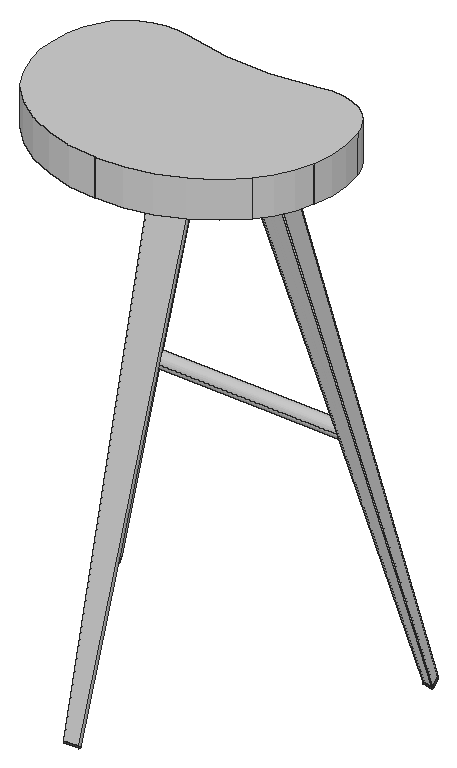
Revit family "Haworth_Mexique_Stool", category Furniture, Revit 2018
Family settings
  OmniClass Number = 23.40.70.14.64.21
  OmniClass Title = Systems Furniture
  Work Plane-Based = No
  Always vertical = Yes
  Cut with Voids When Loaded = No
  Shared = No
  Room Calculation Point = No
Parameters (values of type "High Stool")
  Warranty = "http://www.haworth.com/resources/product-info/warranties"
  URL - Product = "https://www.haworth.com/na/en/products/stools/mexique-seating.html"
  URL = "https://www.haworth.com/na/en/about/brands/haworth-collection.html"
  Sustainability Info = "https://www.haworth.com/na/en/expertise/sustainability.html"
  Size = "Verify Final Dim. w/ Haworth"  # constant formula
  Seat Finish [instance] = Haworth _ Paint _ Undecided _ Seating
  Revision Number = "1"  # constant formula
  Model = "HCCSMXS"  # constant formula
  Manufacturer = "Haworth"  # constant formula
  Low = no
  Leg Finish [instance] = Haworth _ Paint _ Undecided _ Seating
  High = not(Low)  # yes
  Footrest Finish = Haworth _ Paint _ Undecided _ Seating
  Description = "Haworth - Cassina - Mexique - Stool - High"
  Author = "Haworth (Abd Rahman)"  # constant formula
  Assembly Code = "E2020200"
  Actual Width = if(Low, 15.75", 18.50")  # 18.50"
  Actual Height = if(Low, 17.70", 28.30")  # 28.30"
  Actual Depth = if(Low, 12.60", 14.60")  # 14.60"
Types (2): name | Seat Finish | Low | Leg Finish | High | Description | Actual Width | Actual Height | Actual Depth
  Low Stool | Haworth _ Paint _ Undecided _ Table | yes | Haworth _ Paint _ Undecided _ Table | no | "Haworth - Cassina - Mexique - Stool - Low" | 15.75" | 17.70" | 12.60"
  High Stool | Haworth _ Paint _ Undecided _ Seating | no | Haworth _ Paint _ Undecided _ Seating | yes | "Haworth - Cassina - Mexique - Stool - High" | 18.50" | 28.30" | 14.60"
Reference planes (in)
  plane 1: z = 0
  plane 2 "Top": z = 28.3
  plane 3 "Left": x = -21.26989
  plane 4 "Right": x = -2.76989
  plane 5 "Center (Left/Right)": x = -12.01989
  plane 6 "Back": y = 5.59886
  plane 7 "Front": y = -9.00114
  plane 8 "Center (Front/Back)": y = -1.70114
  plane 9: z = 26.3
  plane 10: z = 26.27992
Dimensions and locks (in)
  "Actual Height": plane 2 "Top" to plane 1
  "Actual Width": plane 3 "Left" to plane 4 "Right"
  equal spacing: plane 3 "Left", plane 5 "Center (Left/Right)", plane 4 "Right"
  "Actual Depth": plane 7 "Front" to plane 6 "Back"
  equal spacing: plane 7 "Front", plane 8 "Center (Front/Back)", plane 6 "Back"
  plane 2 "Top" to plane 9 to plane 10 = 2.00" locked, 0.02008" locked
  aligned and locked: plane 5 "Center (Left/Right)" to nested 1
  aligned and locked: plane 2 "Top" to nested 1
  aligned and locked: plane 9 to nested 1
  aligned and locked: plane 8 "Center (Front/Back)" to nested 1
  aligned and locked: plane 8 "Center (Front/Back)" to nested 2
  aligned and locked: plane 5 "Center (Left/Right)" to nested 2
  aligned and locked: plane 8 "Center (Front/Back)" to nested 3
  aligned and locked: plane 5 "Center (Left/Right)" to nested 3
Nested families (in)
  nested 1: "Haworth_Mexique_Stool_Seat-PART" at (1.375, 0.60202, 0.7), Seat Finish <- "Seat Finish", type "Seat - PART"
    with Seat Finish Haworth _ Paint _ Undecided _ Seating
  nested 2: "Haworth_Mexique_Stool_Low_Leg-PART" at (1.375, -1, 0), Leg Finish <- "Leg Finish", visible <- "Low", type "Low - leg - PART"
    with Leg Finish Haworth _ Paint _ Undecided _ Seating
  nested 3: "Haworth_Mexique_Stool_High_Leg-PART" at (0, 0, 0), Leg Finish <- "Leg Finish", visible <- "High", type "High - leg - PART"
    with Leg Finish Haworth _ Paint _ Undecided _ Seating
Definition of nested family "Haworth_Mexique_Stool_Seat-PART"
  Parameters (values of type "Seat - PART")
    Warranty = "http://www.haworth.com/resources/product-info/warranties"
    URL - Product = "https://www.haworth.com/na/en/products/collaborative-conference/mexique-tables.html"
    URL = "https://www.haworth.com/na/en/about/brands/haworth-collection.html"
    Sustainability Info = "https://www.haworth.com/na/en/expertise/sustainability.html"
    Size = "Verify Final Dim. w/ Haworth"  # constant formula
    Seat Finish [instance] = none
    Revision Number = "1"  # constant formula
    Model = "Haworth - Cassina - Mexique"  # constant formula
    Manufacturer = "Haworth"  # constant formula
    Description = "Haworth - Cassina - Mexique - Seat - PART"  # constant formula
    Author = "Haworth (Abd Rahman)"  # constant formula
    Assembly Code = "E2020200"
    Actual Width = 15.75"  # constant formula
    Actual Height = 27.60"
    Actual Depth = 10.98"  # constant formula
  Reference planes (in)
    plane 1: z = 0
    plane 2 "Top": z = 27.6
    plane 3 "Left": x = -21.26989
    plane 4 "Right": x = -5.51989
    plane 5 "Center (Left/Right)": x = -13.39489
    plane 6 "Center (Front/Back)": y = -2.30317
    plane 7: z = 25.6
    plane 8: y = 3.18683
    plane 9: y = -7.79317
  Forms (in)
    Extrusion 1, solid, material <- "Seat Finish"
      sketch origin (0, 0, 0) x (1, 0, 0) y (0, 1, 0)
        loop
          arc (-5.71318, -2.27057) -> (-5.57363, -0.65423) -> (-5.85742, 0.94312) r 6.21107
          arc (-5.85742, 0.94312) -> (-7.36896, 2.79793) -> (-9.74052, 3.11538) r 3.25
          arc (-9.74052, 3.11538) -> (-13.41985, 2.67151) -> (-17.0957, 3.14327) r 15
          arc (-17.0957, 3.14327) -> (-19.50043, 2.82665) -> (-21.01625, 0.93319) r 3.25
          arc (-21.01625, 0.93319) -> (-21.26861, -0.40041) -> (-21.23564, -1.75728) r 6.43482
          arc (-21.23564, -1.75728) -> (-21.15835, -2.21191) -> (-21.04637, -2.65925) r 6
          arc (-21.04637, -2.65925) -> (-20.60773, -3.77541) -> (-19.97483, -4.79407) r 6.61716
          arc (-19.97483, -4.79407) -> (-19.9581, -4.8156) -> (-19.9408, -4.83668) r 1
          arc (-19.9408, -4.83668) -> (-17.02768, -7.03232) -> (-13.45139, -7.75153) r 8.22174
          arc (-13.45139, -7.75153) -> (-13.42614, -7.75121) -> (-13.4009, -7.75153) r 1
          arc (-13.4009, -7.75153) -> (-9.87425, -7.05442) -> (-6.98215, -4.91924) r 8.22174
          arc (-6.98215, -4.91924) -> (-6.17657, -3.69495) -> (-5.71967, -2.30244) r 5.54807
          arc (-5.71967, -2.30244) -> (-5.71656, -2.28648) -> (-5.71318, -2.27057) r 1
      from 25.6 to 27.6
  Lines and regions (in)
    Masking region 1
      outline origin (0, 0, 0) x (1, 0, 0) y (0, 1, 0)
        loop
          arc (-9.74052, 3.11538) -> (-13.41985, 2.67151) -> (-17.0957, 3.14327) r 15
          arc (-17.0957, 3.14327) -> (-19.50043, 2.82665) -> (-21.01625, 0.93319) r 3.25
          arc (-21.01625, 0.93319) -> (-21.26861, -0.40041) -> (-21.23564, -1.75728) r 6.43482
          arc (-21.23564, -1.75728) -> (-21.15835, -2.21191) -> (-21.04637, -2.65925) r 6
          arc (-21.04637, -2.65925) -> (-20.60154, -3.78769) -> (-19.95821, -4.81599) r 6.61716
          arc (-19.95821, -4.81599) -> (-17.02849, -7.03195) -> (-13.42614, -7.75086) r 8.22174
          arc (-13.42614, -7.75086) -> (-9.88581, -7.05951) -> (-6.98215, -4.91924) r 8.22174
          arc (-6.98215, -4.91924) -> (-6.17306, -3.68765) -> (-5.71672, -2.28652) r 5.54807
          arc (-5.71672, -2.28652) -> (-5.57327, -0.66238) -> (-5.85742, 0.94312) r 6.21107
          arc (-5.85742, 0.94312) -> (-7.36896, 2.79793) -> (-9.74052, 3.11538) r 3.25
  Dimensions and locks (in)
    "Actual Height": plane 2 "Top" to plane 1
    "Actual Width": plane 3 "Left" to plane 4 "Right"
    equal spacing: plane 3 "Left", plane 5 "Center (Left/Right)", plane 4 "Right"
    locked: plane 2 "Top" to plane 7 at 2
    equal spacing: plane 9, plane 6 "Center (Front/Back)", plane 8
    "Actual Depth": plane 9 to plane 8
    aligned and locked: plane 2 "Top" to Extrusion 1
    aligned and locked: Extrusion 1 to plane 7
  Automatic sketch dimensions
    plane 3 "Left" to Extrusion 1 sketch curve = 2.09315"
    plane 3 "Left" to Extrusion 1 sketch curve = 3.36543"
    plane 5 "Center (Left/Right)" to Extrusion 1 sketch curve = 1.89134"
    Extrusion 1 sketch curve to Extrusion 1 sketch curve = 0.43115"
    Extrusion 1 sketch curve to Extrusion 1 sketch curve = 0.16133"
    plane 5 "Center (Left/Right)" to Extrusion 1 sketch curve = 0.26404"
    plane 5 "Center (Left/Right)" to Extrusion 1 sketch curve = 0.03125"
    Extrusion 1 sketch curve to plane 5 "Center (Left/Right)" = 0.03192"
    Extrusion 1 sketch curve to plane 5 "Center (Left/Right)" = 0.20154"
    Extrusion 1 sketch curve to plane 5 "Center (Left/Right)" = 1.61644"
    Extrusion 1 sketch curve to Extrusion 1 sketch curve = 0.60495"
    Extrusion 1 sketch curve to Extrusion 1 sketch curve = 2.21784"
    plane 6 "Center (Front/Back)" to Extrusion 1 sketch curve = 0.18281"
    Extrusion 1 sketch curve to plane 4 "Right" = 0.78324"
    plane 6 "Center (Front/Back)" to Extrusion 1 sketch curve = 1.88836"
    plane 9 to Extrusion 1 sketch curve = 0.95805"
    Extrusion 1 sketch curve to plane 6 "Center (Front/Back)" = 1.01898"
    Extrusion 1 sketch curve to plane 6 "Center (Front/Back)" = 1.32344"
    Extrusion 1 sketch curve to Extrusion 1 sketch curve = 0.35148"
    Extrusion 1 sketch curve to Extrusion 1 sketch curve = 0.05635"
    Extrusion 1 sketch curve to Extrusion 1 sketch curve = 0.11641"
    Extrusion 1 sketch curve to plane 6 "Center (Front/Back)" = 2.26474"
    Extrusion 1 sketch curve to plane 6 "Center (Front/Back)" = 2.29867"
    Extrusion 1 sketch curve to Extrusion 1 sketch curve = 1.27455"
    Extrusion 1 sketch curve to Extrusion 1 sketch curve = 0.00"  (x12)
    Extrusion 1 sketch curve to plane 8 = 14.48457"
    Extrusion 1 sketch curve to Extrusion 1 sketch curve = 0.76406"
    plane 3 "Left" to Extrusion 1 sketch curve = 0.25364"
    plane 3 "Left" to Masking region 1 sketch curve = 3.36543"
    Masking region 1 sketch curve to plane 5 "Center (Left/Right)" = 0.03192"
    Masking region 1 sketch curve to plane 6 "Center (Front/Back)" = 2.29867"
    Masking region 1 sketch curve to plane 8 = 14.48457"
    plane 3 "Left" to Masking region 1 sketch curve = 0.25364"
    plane 8 to Masking region 1 sketch curve = 0.04356"
    Masking region 1 sketch curve to Masking region 1 sketch curve = 0.00"  (x7)
    plane 8 to Masking region 1 sketch curve = 0.07145"
    Masking region 1 sketch curve to plane 6 "Center (Front/Back)" = 1.37979"
    plane 3 "Left" to Masking region 1 sketch curve = 0.03426"
    Masking region 1 sketch curve to Masking region 1 sketch curve = 0.43115"
    plane 3 "Left" to Masking region 1 sketch curve = 0.22352"
    Masking region 1 sketch curve to Masking region 1 sketch curve = 0.16133"
    plane 3 "Left" to Masking region 1 sketch curve = 1.31168"
    plane 5 "Center (Left/Right)" to Masking region 1 sketch curve = 0.26404"
    Masking region 1 sketch curve to Masking region 1 sketch curve = 1.27455"
    Masking region 1 sketch curve to plane 9 = 0.04231"
    Masking region 1 sketch curve to plane 5 "Center (Left/Right)" = 0.20154"
    plane 4 "Right" to Masking region 1 sketch curve = 1.46225"
    Masking region 1 sketch curve to plane 6 "Center (Front/Back)" = 1.01898"
    Masking region 1 sketch curve to plane 6 "Center (Front/Back)" = 0.01665"
    Masking region 1 sketch curve to Masking region 1 sketch curve = 0.60495"
    Masking region 1 sketch curve to Masking region 1 sketch curve = 0.35148"
    plane 4 "Right" to Masking region 1 sketch curve = 0.33752"
Definition of nested family "Haworth_Mexique_Stool_Low_Leg-PART"
  Parameters (values of type "Low - leg - PART")
    Warranty = "http://www.haworth.com/resources/product-info/warranties"
    URL - Product = "https://www.haworth.com/na/en/products/stools/mexique-seating.html"
    URL = "https://www.haworth.com/na/en/about/brands/haworth-collection.html"
    Sustainability Info = "https://www.haworth.com/na/en/expertise/sustainability.html"
    Size = "Verify Final Dim. w/ Haworth"  # constant formula
    Revision Number = "1"  # constant formula
    Model = "HCCSMXS1"  # constant formula
    Manufacturer = "Haworth"  # constant formula
    Leg Finish [instance] = none
    Glide Finish = none
    Description = "Haworth - Cassina - Mexique - Stool - Low - Leg - PART"  # constant formula
    Author = "Haworth (Abd Rahman)"  # constant formula
    Assembly Code = "E2020200"
    Actual Width = 15.75"  # constant formula
    Actual Height = 17.70"  # constant formula
    Actual Depth = 12.60"  # constant formula
  Reference planes (in)
    plane 1: z = 0
    plane 2 "Top": z = 17.7
    plane 3 "Left": x = -21.26989
    plane 4 "Right": x = -5.51989
    plane 5 "Center (Left/Right)": x = -13.39489
    plane 6 "Back": y = 5.59886
    plane 7 "Front": y = -7.00114
    plane 8 "Center (Front/Back)": y = -0.70114
    plane 9: z = 16.05742
    plane 10: z = 16.0432
    plane 11: z = 0.115
  Forms (in)
    Blend 1, solid, material <- "Leg Finish"
      base sketch origin (0, 0, 0) x (1, 0, 0) y (0, 1, 0)
        loop
          arc (-5.85779, 5.54527) -> (-5.90988, 5.57858) -> (-5.96274, 5.5465) r 0.05845
          line (-5.96274, 5.5465) -> (-6.2534, 4.97128)
          arc (-6.2534, 4.97128) -> (-6.25399, 4.91803) -> (-6.21219, 4.88503) r 0.06037
          line (-6.21219, 4.88503) -> (-5.58182, 4.74974)
          arc (-5.58182, 4.74974) -> (-5.52437, 4.77041) -> (-5.51755, 4.83107) r 0.05777
          line (-5.51755, 4.83107) -> (-5.85779, 5.54527)
      top sketch origin (0, 0, 0) x (1, 0, 0) y (0, 1, 0)
        loop
          arc (-11.69477, 3.6302) -> (-11.74672, 3.66381) -> (-11.80041, 3.63305) r 0.05946
          line (-11.80041, 3.63305) -> (-12.72836, 1.94776)
          arc (-12.72836, 1.94776) -> (-12.7313, 1.83688) -> (-12.64258, 1.7703) r 0.12085
          line (-12.64258, 1.7703) -> (-10.74712, 1.45075)
          arc (-10.74712, 1.45075) -> (-10.68997, 1.47357) -> (-10.68399, 1.53482) r 0.05918
          line (-10.68399, 1.53482) -> (-11.69477, 3.6302)
      from 0.115 to 16.0432
    Blend 2, solid, material <- "Leg Finish"
      base sketch origin (-26.78979, -0.03125, 0) x (-1, 0, 0) y (0, -1, 0)
        loop
          arc (-5.52497, -4.72443) -> (-5.53033, -4.68322) -> (-5.56969, -4.66987) r 0.03929
          line (-5.56969, -4.66987) -> (-6.1069, -4.7958)
          arc (-6.1069, -4.7958) -> (-6.18828, -4.86256) -> (-6.18513, -4.96778) r 0.11932
          line (-6.18513, -4.96778) -> (-5.92485, -5.45963)
          arc (-5.92485, -5.45963) -> (-5.89148, -5.47906) -> (-5.85932, -5.4577) r 0.03653
          line (-5.85932, -5.4577) -> (-5.52497, -4.72443)
      top sketch origin (-26.78979, -0.03125, 0) x (-1, 0, 0) y (0, -1, 0)
        loop
          line (-11.66003, -3.62442) -> (-10.70808, -1.51097)
          arc (-10.70808, -1.51097) -> (-10.716, -1.44722) -> (-10.77627, -1.42499) r 0.06177
          line (-10.77627, -1.42499) -> (-12.65894, -1.79372)
          arc (-12.65894, -1.79372) -> (-12.74685, -1.86345) -> (-12.7408, -1.97549) r 0.12217
          line (-12.7408, -1.97549) -> (-11.76874, -3.63029)
          arc (-11.76874, -3.63029) -> (-11.7126, -3.66044) -> (-11.66003, -3.62442) r 0.06128
      from 0.115 to 16.0432
    Extrusion 3, solid, material <- "Leg Finish"
      sketch origin (0, 0, 0) x (1, 0, 0) y (0, 1, 0)
        loop
          arc (-15.75379, 4.14829) -> (-17.90116, 2.74608) -> (-17.51571, 0.21057) r 2.37039
          line (-17.51571, 0.21057) -> (-15.11666, -2.51118)
          arc (-15.11666, -2.51118) -> (-13.32503, -3.31284) -> (-11.54459, -2.48662) r 2.36658
          line (-11.54459, -2.48662) -> (-9.17638, 0.27584)
          arc (-9.17638, 0.27584) -> (-8.82654, 2.81129) -> (-10.98862, 4.18106) r 2.36561
          line (-10.98862, 4.18106) -> (-15.75379, 4.14829)
      from 16.0432 to 16.05742
    Blend 4, solid, material <- "Leg Finish"
      base sketch origin (0, 0, 0) x (1, 0, 0) y (0, 1, 0)
        loop
          arc (-13.23593, -6.44891) -> (-13.33004, -6.40375) -> (-13.42329, -6.45067) r 0.11833
          line (-13.42329, -6.45067) -> (-13.76304, -6.89968)
          arc (-13.76304, -6.89968) -> (-13.7689, -6.96386) -> (-13.7139, -6.99746) r 0.06098
          line (-13.7139, -6.99746) -> (-12.93129, -6.991)
          arc (-12.93129, -6.991) -> (-12.87824, -6.95733) -> (-12.88509, -6.89487) r 0.0594
          line (-12.88509, -6.89487) -> (-13.23593, -6.44891)
      top sketch origin (0, 0, 0) x (1, 0, 0) y (0, 1, 0)
        loop
          arc (-13.28682, 0.75712) -> (-13.38544, 0.80633) -> (-13.48265, 0.7544) r 0.12008
          line (-13.48265, 0.7544) -> (-14.57237, -0.82706)
          arc (-14.57237, -0.82706) -> (-14.57593, -0.88998) -> (-14.52167, -0.92204) r 0.0606
          line (-14.52167, -0.92204) -> (-12.20002, -0.89157)
          arc (-12.20002, -0.89157) -> (-12.14677, -0.85816) -> (-12.15204, -0.79552) r 0.06041
          line (-12.15204, -0.79552) -> (-13.28682, 0.75712)
      from 0.115 to 16.0432
    Extrusion 5, solid, material <- "Glide Finish"
      sketch origin (0, 0, 0) x (1, 0, 0) y (0, 1, 0)
        loop
          arc (-12.93129, -6.991) -> (-12.87824, -6.95733) -> (-12.88509, -6.89487) r 0.0594
          line (-12.88509, -6.89487) -> (-13.23593, -6.44891)
          arc (-13.23593, -6.44891) -> (-13.33004, -6.40375) -> (-13.42329, -6.45067) r 0.11833
          line (-13.42329, -6.45067) -> (-13.76304, -6.89968)
          arc (-13.76304, -6.89968) -> (-13.7689, -6.96386) -> (-13.7139, -6.99746) r 0.06098
          line (-13.7139, -6.99746) -> (-12.93129, -6.991)
        loop
          arc (-21.26482, 4.69318) -> (-21.25945, 4.65197) -> (-21.2201, 4.63862) r 0.03929
          line (-21.2201, 4.63862) -> (-20.68289, 4.76455)
          arc (-20.68289, 4.76455) -> (-20.60151, 4.83131) -> (-20.60465, 4.93653) r 0.11932
          line (-20.60465, 4.93653) -> (-20.86493, 5.42838)
          arc (-20.86493, 5.42838) -> (-20.8983, 5.44781) -> (-20.93047, 5.42645) r 0.03653
          line (-20.93047, 5.42645) -> (-21.26482, 4.69318)
        loop
          arc (-5.85779, 5.54527) -> (-5.90988, 5.57858) -> (-5.96274, 5.5465) r 0.05845
          line (-5.96274, 5.5465) -> (-6.2534, 4.97128)
          arc (-6.2534, 4.97128) -> (-6.25399, 4.91803) -> (-6.21219, 4.88503) r 0.06037
          line (-6.21219, 4.88503) -> (-5.58182, 4.74974)
          arc (-5.58182, 4.74974) -> (-5.52437, 4.77041) -> (-5.51755, 4.83107) r 0.05777
          line (-5.51755, 4.83107) -> (-5.85779, 5.54527)
      from 0 to 0.115
  Lines and regions (in)
    symbolic lines
      curve 1: arc (-8.75141, 4.20596, 0) -> (-8.71986, 4.20915, 0) -> (-8.6914, 4.19518, 0) r 0.05764
      curve 2: line (-10.98862, 4.18106, 0) -> (-15.75379, 4.14829, 0)
      curve 3: arc (-15.75379, 4.14829, 0) -> (-17.90116, 2.74608, 0) -> (-17.51571, 0.21057, 0) r 2.37039
      curve 4: line (-17.51571, 0.21057, 0) -> (-15.11666, -2.51118, 0)
      curve 5: arc (-15.11666, -2.51118, 0) -> (-13.32503, -3.31284, 0) -> (-11.54459, -2.48662, 0) r 2.36658
      curve 6: line (-11.54459, -2.48662, 0) -> (-9.17638, 0.27584, 0)
      curve 7: arc (-9.17638, 0.27584, 0) -> (-8.82654, 2.81129, 0) -> (-10.98862, 4.18106, 0) r 2.36561
      curve 8: arc (-5.85779, 5.54527, 0) -> (-5.87907, 5.56938, 0) -> (-5.90988, 5.57858, 0) r 0.05845
      curve 9: line (-5.51755, 4.83107, 0) -> (-5.85779, 5.54527, 0)
      curve 10: arc (-5.55592, 4.75012, 0) -> (-5.5175, 4.78148, 0) -> (-5.51755, 4.83107, 0) r 0.05777
      curve 11: line (-5.55592, 4.75012, 0) -> (-8.77143, 2.6827, 0)
      curve 12: line (-5.90988, 5.57858, 0) -> (-10.4003, 4.1109, 0)
      curve 13: line (-20.93047, 5.42645, 0) -> (-21.26482, 4.69318, 0)
      curve 14: arc (-20.8983, 5.44781, 0) -> (-20.91744, 5.44173, 0) -> (-20.93047, 5.42645, 0) r 0.03653
      curve 15: arc (-21.26482, 4.69318, 0) -> (-21.26803, 4.67181, 0) -> (-21.25945, 4.65197, 0) r 0.03929
      curve 16: line (-21.25945, 4.65197, 0) -> (-17.96354, 2.59246, 0)
      curve 17: line (-20.8983, 5.44781, 0) -> (-16.41337, 4.04994, 0)
      curve 18: line (-13.7139, -6.99746, 0) -> (-12.93129, -6.991, 0)
      curve 19: arc (-12.93129, -6.991, 0) -> (-12.89995, -6.98175, 0) -> (-12.87824, -6.95733, 0) r 0.0594
      curve 20: arc (-13.7689, -6.96386, 0) -> (-13.7462, -6.98852, 0) -> (-13.7139, -6.99746, 0) r 0.06098
      curve 21: line (-13.7689, -6.96386, 0) -> (-14.28657, -3.11592, 0)
      curve 22: line (-12.87824, -6.95733, 0) -> (-12.40716, -3.12074, 0)
  Dimensions and locks (in)
    "Actual Height": plane 2 "Top" to plane 1
    "Actual Width": plane 3 "Left" to plane 4 "Right"
    equal spacing: plane 3 "Left", plane 5 "Center (Left/Right)", plane 4 "Right"
    "Actual Depth": plane 7 "Front" to plane 6 "Back"
    equal spacing: plane 7 "Front", plane 8 "Center (Front/Back)", plane 6 "Back"
    plane 2 "Top" to plane 9 to plane 10 = 1.64258" locked, 0.01422" locked
    locked: plane 11 to plane 1 at 0.115
    aligned and locked: Blend 1 to plane 10
    aligned and locked: Blend 2 to plane 10
    aligned and locked: Extrusion 3 to plane 9
    aligned and locked: plane 10 to Extrusion 3
    aligned and locked: plane 11 to Blend 2
    aligned and locked: plane 11 to Blend 1
    aligned and locked: plane 11 to Blend 4
    aligned and locked: Blend 4 to plane 10
    aligned and locked: Extrusion 5 to plane 1
    aligned and locked: Extrusion 5 to plane 11
  Automatic sketch dimensions
    plane 4 "Right" to Blend 1 sketch curve = 0.7335"
    Blend 1 sketch curve to Blend 1 sketch curve = 0.04121"
    Blend 1 sketch curve to Blend 1 sketch curve = 0.05388"
    plane 6 "Back" to Blend 1 sketch curve = 0.05236"
    plane 4 "Right" to Blend 1 sketch curve = 0.44284"
    Blend 1 sketch curve to Blend 1 sketch curve = 0.05217"
    plane 6 "Back" to Blend 1 sketch curve = 0.05358"
    Blend 1 sketch curve to Blend 1 sketch curve = 0.05277"
    plane 4 "Right" to Blend 1 sketch curve = 0.06193"
    plane 4 "Right" to Blend 1 sketch curve = 0.0498"
    Blend 1 sketch curve to plane 4 "Right" = 0.00235"
    plane 6 "Back" to Blend 1 sketch curve = 0.62757"
    Blend 1 sketch curve to Blend 1 sketch curve = 0.02723"
    Blend 1 sketch curve to Blend 1 sketch curve = 0.11299"
    Blend 1 sketch curve to Blend 1 sketch curve = 0.02485"
    Blend 1 sketch curve to plane 5 "Center (Left/Right)" = 0.66654"
    Blend 1 sketch curve to Blend 1 sketch curve = 0.08577"
    Blend 1 sketch curve to Blend 1 sketch curve = 0.10586"
    Blend 1 sketch curve to plane 5 "Center (Left/Right)" = 1.59448"
    Blend 1 sketch curve to Blend 1 sketch curve = 0.05209"
    Blend 1 sketch curve to Blend 1 sketch curve = 0.05356"
    Blend 1 sketch curve to Blend 1 sketch curve = 1.89546"
    Blend 1 sketch curve to Blend 1 sketch curve = 0.00984"
    Blend 1 sketch curve to Blend 1 sketch curve = 0.0533"
    Blend 1 sketch curve to plane 8 "Center (Front/Back)" = 2.1519"
    Blend 1 sketch curve to Blend 1 sketch curve = 0.05835"
    Blend 1 sketch curve to Blend 1 sketch curve = 0.31955"
    Blend 1 sketch curve to Blend 1 sketch curve = 0.11917"
    Blend 1 sketch curve to Blend 1 sketch curve = 1.65661"
    Blend 1 sketch curve to Blend 1 sketch curve = 0.02583"
    Blend 2 sketch curve to plane 3 "Left" = 0.66524"
    Blend 2 sketch curve to Blend 2 sketch curve = 0.07823"
    Blend 2 sketch curve to Blend 2 sketch curve = 0.02723"
    Blend 2 sketch curve to plane 6 "Back" = 0.17047"
    Blend 2 sketch curve to plane 3 "Left" = 0.40496"
    Blend 2 sketch curve to Blend 2 sketch curve = 0.03229"
    Blend 2 sketch curve to plane 6 "Back" = 0.1724"
    Blend 2 sketch curve to Blend 2 sketch curve = 0.03324"
    Blend 2 sketch curve to plane 3 "Left" = 0.04979"
    Blend 2 sketch curve to Blend 2 sketch curve = 0.00897"
    Blend 2 sketch curve to plane 3 "Left" = 0.00508"
    Blend 2 sketch curve to Blend 2 sketch curve = 0.49186"
    Blend 2 sketch curve to Blend 2 sketch curve = 0.05581"
    Blend 2 sketch curve to Blend 2 sketch curve = 0.18754"
    Blend 2 sketch curve to Blend 2 sketch curve = 0.0163"
    Blend 2 sketch curve to plane 5 "Center (Left/Right)" = 0.6541"
    Blend 2 sketch curve to Blend 2 sketch curve = 0.08186"
    Blend 2 sketch curve to Blend 2 sketch curve = 0.10534"
    Blend 2 sketch curve to plane 5 "Center (Left/Right)" = 1.62615"
    Blend 2 sketch curve to Blend 2 sketch curve = 0.05587"
    Blend 2 sketch curve to Blend 2 sketch curve = 0.01187"
    plane 8 "Center (Front/Back)" to Blend 2 sketch curve = 2.09488"
    Blend 2 sketch curve to Blend 2 sketch curve = 0.36873"
    Blend 2 sketch curve to Blend 2 sketch curve = 1.68564"
    Blend 2 sketch curve to Blend 2 sketch curve = 0.02517"
    plane 8 "Center (Front/Back)" to Blend 2 sketch curve = 2.18086"
    Blend 2 sketch curve to Blend 2 sketch curve = 0.05632"
    Blend 2 sketch curve to Blend 2 sketch curve = 1.88266"
    Blend 2 sketch curve to Blend 2 sketch curve = 0.1199"
    Blend 2 sketch curve to Blend 2 sketch curve = 0.05284"
    Extrusion 3 sketch curve to plane 8 "Center (Front/Back)" = 0.91172"
    plane 3 "Left" to Extrusion 3 sketch curve = 3.75419"
    plane 6 "Back" to Extrusion 3 sketch curve = 1.45057"
    plane 5 "Center (Left/Right)" to Extrusion 3 sketch curve = 2.3589"
    plane 5 "Center (Left/Right)" to Extrusion 3 sketch curve = 2.34259"
    plane 5 "Center (Left/Right)" to Extrusion 3 sketch curve = 1.72176"
    Extrusion 3 sketch curve to plane 5 "Center (Left/Right)" = 0.05359"
    Extrusion 3 sketch curve to plane 5 "Center (Left/Right)" = 1.85031"
    Extrusion 3 sketch curve to plane 5 "Center (Left/Right)" = 2.40627"
    Extrusion 3 sketch curve to Extrusion 3 sketch curve = 0.01627"
    Extrusion 3 sketch curve to plane 8 "Center (Front/Back)" = 0.97698"
    Extrusion 3 sketch curve to Extrusion 3 sketch curve = 1.79598"
    plane 8 "Center (Front/Back)" to Extrusion 3 sketch curve = 0.24518"
    plane 8 "Center (Front/Back)" to Extrusion 3 sketch curve = 1.78548"
    Extrusion 3 sketch curve to Extrusion 3 sketch curve = 1.53967"
    Blend 4 sketch curve to plane 7 "Front" = 0.10146"
    plane 5 "Center (Left/Right)" to Blend 4 sketch curve = 0.36814"
    Blend 4 sketch curve to Blend 4 sketch curve = 0.04863"
    Blend 4 sketch curve to plane 7 "Front" = 0.00368"
    Blend 4 sketch curve to Blend 4 sketch curve = 0.0005"
    plane 5 "Center (Left/Right)" to Blend 4 sketch curve = 0.0284"
    Blend 4 sketch curve to plane 5 "Center (Left/Right)" = 0.06596"
    Blend 4 sketch curve to Blend 4 sketch curve = 0.093"
    Blend 4 sketch curve to plane 7 "Front" = 0.06955"
    Blend 4 sketch curve to plane 5 "Center (Left/Right)" = 0.46312"
    Blend 4 sketch curve to plane 7 "Front" = 0.01014"
    Blend 4 sketch curve to Blend 4 sketch curve = 0.00049"
    Blend 4 sketch curve to plane 7 "Front" = 0.10627"
    Blend 4 sketch curve to plane 7 "Front" = 0.47907"
    Blend 4 sketch curve to Blend 4 sketch curve = 0.0714"
    plane 8 "Center (Front/Back)" to Blend 4 sketch curve = 0.12592"
    plane 5 "Center (Left/Right)" to Blend 4 sketch curve = 1.17748"
    Blend 4 sketch curve to Blend 4 sketch curve = 0.0499"
    plane 8 "Center (Front/Back)" to Blend 4 sketch curve = 0.22089"
    Blend 4 sketch curve to Blend 4 sketch curve = 0.0008"
    plane 5 "Center (Left/Right)" to Blend 4 sketch curve = 0.08775"
    Blend 4 sketch curve to plane 5 "Center (Left/Right)" = 0.01112"
    Blend 4 sketch curve to plane 5 "Center (Left/Right)" = 0.10807"
    plane 8 "Center (Front/Back)" to Blend 4 sketch curve = 0.13002"
    Blend 4 sketch curve to plane 5 "Center (Left/Right)" = 1.19408"
    plane 8 "Center (Front/Back)" to Blend 4 sketch curve = 0.19042"
    Blend 4 sketch curve to Blend 4 sketch curve = 0.00079"
    plane 8 "Center (Front/Back)" to Blend 4 sketch curve = 0.09437"
    Blend 4 sketch curve to plane 8 "Center (Front/Back)" = 1.38741"
    Blend 4 sketch curve to Blend 4 sketch curve = 0.06813"
    plane 3 "Left" to Extrusion 5 sketch curve = 0.00508"
    Extrusion 5 sketch curve to Extrusion 5 sketch curve = 0.03575"
    Extrusion 5 sketch curve to Extrusion 5 sketch curve = 0.00897"
    plane 3 "Left" to Extrusion 5 sketch curve = 0.33943"
    Extrusion 5 sketch curve to Extrusion 5 sketch curve = 0.03324"
    plane 6 "Back" to Extrusion 5 sketch curve = 0.17047"
    Extrusion 5 sketch curve to Extrusion 5 sketch curve = 0.03229"
    Extrusion 5 sketch curve to Extrusion 5 sketch curve = 0.51895"
    Extrusion 5 sketch curve to Extrusion 5 sketch curve = 0.02723"
    Extrusion 5 sketch curve to Extrusion 5 sketch curve = 0.10546"
    Extrusion 5 sketch curve to plane 7 "Front" = 0.10146"
    plane 5 "Center (Left/Right)" to Extrusion 5 sketch curve = 0.36814"
    Extrusion 5 sketch curve to Extrusion 5 sketch curve = 0.04863"
    Extrusion 5 sketch curve to plane 7 "Front" = 0.00368"
    Extrusion 5 sketch curve to Extrusion 5 sketch curve = 0.0005"
    plane 5 "Center (Left/Right)" to Extrusion 5 sketch curve = 0.0284"
    Extrusion 5 sketch curve to plane 5 "Center (Left/Right)" = 0.06596"
    Extrusion 5 sketch curve to Extrusion 5 sketch curve = 0.093"
    Extrusion 5 sketch curve to plane 7 "Front" = 0.06955"
    Extrusion 5 sketch curve to plane 5 "Center (Left/Right)" = 0.46312"
    Extrusion 5 sketch curve to plane 7 "Front" = 0.01014"
    Extrusion 5 sketch curve to Extrusion 5 sketch curve = 0.00049"
    Extrusion 5 sketch curve to plane 7 "Front" = 0.10627"
    Extrusion 5 sketch curve to plane 7 "Front" = 0.47907"
    Extrusion 5 sketch curve to Extrusion 5 sketch curve = 0.0714"
    Extrusion 5 sketch curve to Extrusion 5 sketch curve = 0.78976"
    Extrusion 5 sketch curve to Extrusion 5 sketch curve = 0.03825"
    Extrusion 5 sketch curve to Extrusion 5 sketch curve = 0.12592"
    Extrusion 5 sketch curve to Extrusion 5 sketch curve = 0.11617"
    Extrusion 5 sketch curve to Extrusion 5 sketch curve = 0.01709"
    plane 4 "Right" to Extrusion 5 sketch curve = 0.69229"
    plane 6 "Back" to Extrusion 5 sketch curve = 0.05358"
    plane 4 "Right" to Extrusion 5 sketch curve = 0.3379"
    plane 4 "Right" to Extrusion 5 sketch curve = 0.06193"
    Extrusion 5 sketch curve to plane 4 "Right" = 0.00235"
    Extrusion 5 sketch curve to Extrusion 5 sketch curve = 0.79553"
    Extrusion 5 sketch curve to Extrusion 5 sketch curve = 0.08133"
    Extrusion 5 sketch curve to Extrusion 5 sketch curve = 0.13529"
    Extrusion 5 sketch curve to Extrusion 5 sketch curve = 0.04121"
    Extrusion 5 sketch curve to Extrusion 5 sketch curve = 0.05388"
    Extrusion 5 sketch curve to Extrusion 5 sketch curve = 0.05902"
    plane 6 "Back" to Extrusion 5 sketch curve = 0.05236"
    Extrusion 5 sketch curve to Extrusion 5 sketch curve = 0.10494"
    Extrusion 5 sketch curve to Extrusion 5 sketch curve = 0.05217"
    plane 4 "Right" to Extrusion 5 sketch curve = 0.0498"
    plane 3 "Left" to curve 13 = 0.00508"
    plane 3 "Left" to curve 16 = 0.01044"
    curve 13 to curve 15 = 0.03575"
    plane 3 "Left" to curve 13 = 0.33943"
    curve 13 to curve 17 = 0.03217"
    curve 13 to curve 14 = 0.03324"
    curve 4 to plane 8 "Center (Front/Back)" = 0.91172"
    plane 3 "Left" to curve 4 = 3.75419"
    plane 5 "Center (Left/Right)" to curve 2 = 2.3589"
    plane 5 "Center (Left/Right)" to curve 3 = 2.34259"
    plane 5 "Center (Left/Right)" to curve 4 = 1.72176"
    plane 5 "Center (Left/Right)" to curve 20 = 0.31951"
    curve 18 to plane 7 "Front" = 0.00368"
    curve 20 to curve 18 = 0.0005"
    curve 5 to plane 5 "Center (Left/Right)" = 0.05359"
    curve 19 to plane 5 "Center (Left/Right)" = 0.46312"
    curve 18 to plane 7 "Front" = 0.01014"
    curve 19 to curve 18 = 0.00049"
    plane 6 "Back" to curve 2 = 1.4178"
    curve 2 to plane 5 "Center (Left/Right)" = 2.40627"
    curve 7 to curve 7 = 0.01627"
    curve 6 to plane 8 "Center (Front/Back)" = 0.97698"
    curve 7 to curve 6 = 1.79598"
    curve 7 to curve 1 = 2.25857"
    plane 6 "Back" to curve 8 = 0.07872"
    plane 4 "Right" to curve 8 = 0.39067"
    plane 6 "Back" to curve 12 = 0.02027"
    curve 8 to curve 12 = 0.00068"
    plane 6 "Back" to curve 9 = 0.05358"
    plane 4 "Right" to curve 10 = 0.0498"
    plane 4 "Right" to curve 11 = 0.03603"
    curve 9 to plane 4 "Right" = 0.00235"
    plane 8 "Center (Front/Back)" to curve 4 = 1.81004"
    curve 4 to curve 6 = 0.02457"
    curve 4 to curve 3 = 1.56738"
    plane 6 "Back" to curve 1 = 1.44643"
    plane 6 "Back" to curve 16 = 0.94689"
    curve 15 to curve 15 = 0.02491"
    curve 11 to curve 8 = 0.77001"
    curve 10 to curve 10 = 0.0561"
    plane 6 "Back" to curve 14 = 0.18756"
    curve 14 to curve 13 = 0.01516"
    plane 6 "Back" to curve 16 = 3.0064"
    plane 6 "Back" to curve 17 = 1.54891"
    plane 5 "Center (Left/Right)" to curve 21 = 0.89168"
    curve 21 to plane 7 "Front" = 0.03728"
    curve 20 to curve 20 = 0.05449"
    curve 22 to plane 7 "Front" = 0.04382"
    curve 19 to curve 22 = 0.05354"
    curve 22 to plane 5 "Center (Left/Right)" = 0.98773"
    plane 6 "Back" to curve 12 = 1.48795"
    plane 6 "Back" to curve 11 = 2.91615"
    curve 1 to curve 1 = 0.02135"
    curve 1 to curve 1 = 0.03865"
    curve 22 to curve 5 = 0.63412"
    curve 1 to curve 1 = 0.04275"
Definition of nested family "Haworth_Mexique_Stool_High_Leg-PART"
  Parameters (values of type "High - leg - PART")
    Warranty = "http://www.haworth.com/resources/product-info/warranties"
    URL - Product = "https://www.haworth.com/na/en/products/stools/mexique-seating.html"
    URL = "https://www.haworth.com/na/en/about/brands/haworth-collection.html"
    Sustainability Info = "https://www.haworth.com/na/en/expertise/sustainability.html"
    Size = "Verify Final Dim. w/ Haworth"  # constant formula
    Revision Number = "1"  # constant formula
    Model = "HCCSMXS2"  # constant formula
    Manufacturer = "Haworth"  # constant formula
    Leg Finish [instance] = none
    Glide Finish = none
    Footrest Finish = none
    Description = "Haworth - Cassina - Mexique - Stool - High - Leg - PART"  # constant formula
    Author = "Haworth (Abd Rahman)"  # constant formula
    Assembly Code = "E2020200"
    Actual Width = 18.50"  # constant formula
    Actual Height = 28.30"  # constant formula
    Actual Depth = 14.60"  # constant formula
  Reference planes (in)
    plane 1: z = 0
    plane 2 "Top": z = 28.3
    plane 3 "Left": x = -21.26989
    plane 4 "Right": x = -2.76989
    plane 5 "Center (Left/Right)": x = -12.01989
    plane 6 "Back": y = 5.59886
    plane 7 "Front": y = -9.00114
    plane 8 "Center (Front/Back)": y = -1.70114
    plane 9: z = 26.65742
    plane 10: z = 26.6432
    plane 11: z = 0.115
  Forms (in)
    Blend 1, solid, material <- "Leg Finish"
      base sketch origin (0, 0, 0) x (1, 0, 0) y (0, 1, 0)
        loop
          arc (-3.20005, 5.42605) -> (-3.23397, 5.44833) -> (-3.26898, 5.42781) r 0.03846
          line (-3.26898, 5.42781) -> (-3.52465, 4.94257)
          arc (-3.52465, 4.94257) -> (-3.52777, 4.83363) -> (-3.44349, 4.76453) r 0.12367
          line (-3.44349, 4.76453) -> (-2.89969, 4.63693)
          arc (-2.89969, 4.63693) -> (-2.86281, 4.64949) -> (-2.85796, 4.68815) r 0.03674
          line (-2.85796, 4.68815) -> (-3.20005, 5.42605)
      top sketch origin (0, 0, 0) x (1, 0, 0) y (0, 1, 0)
        loop
          arc (-10.27625, 2.94691) -> (-10.32777, 2.981) -> (-10.38169, 2.95085) r 0.05936
          line (-10.38169, 2.95085) -> (-11.31754, 1.29204)
          arc (-11.31754, 1.29204) -> (-11.32166, 1.18081) -> (-11.23335, 1.11307) r 0.12128
          line (-11.23335, 1.11307) -> (-9.36032, 0.77671)
          arc (-9.36032, 0.77671) -> (-9.30304, 0.79887) -> (-9.29643, 0.85992) r 0.05905
          line (-9.29643, 0.85992) -> (-10.27625, 2.94691)
      from 0.115 to 26.6432
    Extrusion 2, solid, material <- "Leg Finish"
      sketch origin (0, 0, 0) x (1, 0, 0) y (0, 1, 0)
        loop
          arc (-14.49881, 3.32545) -> (-16.65664, 1.94848) -> (-16.29849, -0.58608) r 2.36587
          line (-16.29849, -0.58608) -> (-13.91495, -3.34812)
          arc (-13.91495, -3.34812) -> (-12.13853, -4.16544) -> (-10.35625, -3.36097) r 2.35768
          line (-10.35625, -3.36097) -> (-7.93809, -0.59941)
          arc (-7.93809, -0.59941) -> (-7.56326, 1.9216) -> (-9.70184, 3.30813) r 2.35568
          line (-9.70184, 3.30813) -> (-14.49881, 3.32545)
      from 26.6432 to 26.65742
    Blend 3, solid, material <- "Leg Finish"
      base sketch origin (0.0625, 0.375, 0) x (1, 0, 0) y (0, 1, 0)
        loop
          arc (-11.90641, -8.82377) -> (-12.00053, -8.77861) -> (-12.09378, -8.82553) r 0.11833
          line (-12.09378, -8.82553) -> (-12.43352, -9.27454)
          arc (-12.43352, -9.27454) -> (-12.43938, -9.33872) -> (-12.38439, -9.37232) r 0.06098
          line (-12.38439, -9.37232) -> (-11.60177, -9.36586)
          arc (-11.60177, -9.36586) -> (-11.54872, -9.33219) -> (-11.55558, -9.26973) r 0.0594
          line (-11.55558, -9.26973) -> (-11.90641, -8.82377)
      top sketch origin (0.0625, 0.375, 0) x (1, 0, 0) y (0, 1, 0)
        loop
          arc (-11.91182, -0.24288) -> (-12.01044, -0.19367) -> (-12.10765, -0.2456) r 0.12008
          line (-12.10765, -0.2456) -> (-13.19737, -1.82706)
          arc (-13.19737, -1.82706) -> (-13.20093, -1.88998) -> (-13.14667, -1.92204) r 0.0606
          line (-13.14667, -1.92204) -> (-10.82502, -1.89157)
          arc (-10.82502, -1.89157) -> (-10.77177, -1.85816) -> (-10.77704, -1.79552) r 0.06041
          line (-10.77704, -1.79552) -> (-11.91182, -0.24288)
      from 0.115 to 26.6432
    Extrusion 4, solid, material <- "Glide Finish"
      sketch origin (0, 0, 0) x (1, 0, 0) y (0, 1, 0)
        loop
          arc (-11.54066, -8.991) -> (-11.48761, -8.95733) -> (-11.49447, -8.89487) r 0.0594
          line (-11.49447, -8.89487) -> (-11.8453, -8.44891)
          arc (-11.8453, -8.44891) -> (-11.93942, -8.40375) -> (-12.03267, -8.45067) r 0.11833
          line (-12.03267, -8.45067) -> (-12.37241, -8.89968)
          arc (-12.37241, -8.89968) -> (-12.37827, -8.96386) -> (-12.32328, -8.99746) r 0.06098
          line (-12.32328, -8.99746) -> (-11.54066, -8.991)
        loop
          arc (-20.64581, 5.41218) -> (-20.68082, 5.4327) -> (-20.71474, 5.41043) r 0.03846
          line (-20.71474, 5.41043) -> (-21.05682, 4.67253)
          arc (-21.05682, 4.67253) -> (-21.05198, 4.63387) -> (-21.0151, 4.6213) r 0.03674
          line (-21.0151, 4.6213) -> (-20.47129, 4.7489)
          arc (-20.47129, 4.7489) -> (-20.38701, 4.818) -> (-20.39013, 4.92695) r 0.12367
          line (-20.39013, 4.92695) -> (-20.64581, 5.41218)
        loop
          arc (-3.52465, 4.94257) -> (-3.52777, 4.83363) -> (-3.44349, 4.76453) r 0.12367
          line (-3.44349, 4.76453) -> (-2.89969, 4.63693)
          arc (-2.89969, 4.63693) -> (-2.86281, 4.64949) -> (-2.85796, 4.68815) r 0.03674
          line (-2.85796, 4.68815) -> (-3.20005, 5.42605)
          arc (-3.20005, 5.42605) -> (-3.23397, 5.44833) -> (-3.26898, 5.42781) r 0.03846
          line (-3.26898, 5.42781) -> (-3.52465, 4.94257)
      from 0 to 0.115
    Blend 5, solid, material <- "Leg Finish"
      base sketch origin (-23.91479, -0.01562, 0) x (-1, 0, 0) y (0, -1, 0)
        loop
          line (-3.20005, -5.42605) -> (-2.85796, -4.68815)
          arc (-2.85796, -4.68815) -> (-2.86281, -4.64949) -> (-2.89969, -4.63693) r 0.03674
          line (-2.89969, -4.63693) -> (-3.44349, -4.76453)
          arc (-3.44349, -4.76453) -> (-3.52777, -4.83363) -> (-3.52465, -4.94257) r 0.12367
          line (-3.52465, -4.94257) -> (-3.26898, -5.42781)
          arc (-3.26898, -5.42781) -> (-3.23397, -5.44833) -> (-3.20005, -5.42605) r 0.03846
      top sketch origin (-23.91479, -0.01562, 0) x (-1, 0, 0) y (0, -1, 0)
        loop
          line (-10.27625, -2.94691) -> (-9.29643, -0.85992)
          arc (-9.29643, -0.85992) -> (-9.30304, -0.79887) -> (-9.36032, -0.77671) r 0.05905
          line (-9.36032, -0.77671) -> (-11.23335, -1.11307)
          arc (-11.23335, -1.11307) -> (-11.32166, -1.18081) -> (-11.31754, -1.29204) r 0.12128
          line (-11.31754, -1.29204) -> (-10.38169, -2.95085)
          arc (-10.38169, -2.95085) -> (-10.32777, -2.981) -> (-10.27625, -2.94691) r 0.05936
      from 0.115 to 26.6432
    Extrusion 6, solid, material <- "Footrest Finish"
      sketch origin (-2.76989, 0, 0) x (0, -1, 0) y (0, 0, 1)
        loop
          circle (-3.84099, 11.64999) r 0.41053
      from 3.6223 to 14.82256
  Cuts and joins
    joined: Blend 1, Blend 3, Blend 5
  Lines and regions (in)
    symbolic lines
      curve 1: line (-12.3389, -8.99746, 0) -> (-11.55629, -8.991, 0)
      curve 2: arc (-11.55629, -8.991, 0) -> (-11.52495, -8.98175, 0) -> (-11.50324, -8.95733, 0) r 0.0594
      curve 3: arc (-12.3939, -8.96386, 0) -> (-12.3712, -8.98852, 0) -> (-12.3389, -8.99746, 0) r 0.06098
      curve 4: line (-12.3939, -8.96386, 0) -> (-12.89568, -4.03767, 0)
      curve 5: line (-11.50324, -8.95733, 0) -> (-10.93919, -3.84262, 0)
      curve 6: line (-9.70184, 3.30813, 0) -> (-14.49881, 3.32545, 0)
      curve 7: arc (-7.93809, -0.59941, 0) -> (-7.56326, 1.9216, 0) -> (-9.70184, 3.30813, 0) r 2.35568
      curve 8: line (-10.35625, -3.36097, 0) -> (-7.93809, -0.59941, 0)
      curve 9: arc (-13.91495, -3.34812, 0) -> (-12.13853, -4.16544, 0) -> (-10.35625, -3.36097, 0) r 2.35768
      curve 10: line (-16.29849, -0.58608, 0) -> (-13.91495, -3.34812, 0)
      curve 11: arc (-14.49881, 3.32545, 0) -> (-16.65664, 1.94848, 0) -> (-16.29849, -0.58608, 0) r 2.36587
      curve 12: arc (-3.20005, 5.42605, 0) -> (-3.21993, 5.44529, 0) -> (-3.24757, 5.44621, 0) r 0.03846
      curve 13: line (-2.85796, 4.68815, 0) -> (-3.20005, 5.42605, 0)
      curve 14: arc (-2.86281, 4.64949, 0) -> (-2.85484, 4.66813, 0) -> (-2.85796, 4.68815, 0) r 0.03674
      curve 15: arc (-21.05682, 4.67253, 0) -> (-21.0586, 4.64626, 0) -> (-21.04235, 4.62554, 0) r 0.03674
      curve 16: line (-20.71474, 5.41043, 0) -> (-21.05682, 4.67253, 0)
      curve 17: arc (-20.68082, 5.4327, 0) -> (-20.70095, 5.4264, 0) -> (-20.71474, 5.41043, 0) r 0.03846
      curve 18: line (-20.68082, 5.4327, 0) -> (-17.27514, 4.25162, 0)
      curve 19: line (-17.27514, 4.25162, 0) -> (-6.68673, 4.25162, 0)
      curve 20: line (-6.68673, 4.25162, 0) -> (-3.24757, 5.44621, 0)
      curve 21: line (-2.86281, 4.64949, 0) -> (-7.53391, 1.85375, 0)
      curve 22: line (-16.63697, 1.99017, 0) -> (-21.04235, 4.62554, 0)
  Dimensions and locks (in)
    "Actual Height": plane 2 "Top" to plane 1
    "Actual Width": plane 3 "Left" to plane 4 "Right"
    equal spacing: plane 3 "Left", plane 5 "Center (Left/Right)", plane 4 "Right"
    "Actual Depth": plane 7 "Front" to plane 6 "Back"
    equal spacing: plane 7 "Front", plane 8 "Center (Front/Back)", plane 6 "Back"
    plane 2 "Top" to plane 9 to plane 10 = 1.64258" locked, 0.01422" locked
    locked: plane 11 to plane 1 at 0.115
    aligned and locked: Blend 1 to plane 10
    aligned and locked: Extrusion 2 to plane 9
    aligned and locked: plane 10 to Extrusion 2
    aligned and locked: plane 11 to Blend 1
    aligned and locked: plane 11 to Blend 3
    aligned and locked: Blend 3 to plane 10
    aligned and locked: Extrusion 4 to plane 1
    aligned and locked: Extrusion 4 to plane 11
  Automatic sketch dimensions
    plane 4 "Right" to Blend 1 sketch curve = 0.75476"
    Blend 1 sketch curve to Blend 1 sketch curve = 0.08116"
    Blend 1 sketch curve to Blend 1 sketch curve = 0.10941"
    plane 6 "Back" to Blend 1 sketch curve = 0.17105"
    plane 4 "Right" to Blend 1 sketch curve = 0.49908"
    Blend 1 sketch curve to Blend 1 sketch curve = 0.03403"
    plane 6 "Back" to Blend 1 sketch curve = 0.1728"
    Blend 1 sketch curve to Blend 1 sketch curve = 0.0349"
    plane 4 "Right" to Blend 1 sketch curve = 0.1298"
    Blend 1 sketch curve to Blend 1 sketch curve = 0.00839"
    Blend 1 sketch curve to Blend 1 sketch curve = 0.03333"
    Blend 1 sketch curve to Blend 1 sketch curve = 0.48523"
    Blend 1 sketch curve to Blend 1 sketch curve = 0.05765"
    Blend 1 sketch curve to Blend 1 sketch curve = 0.07637"
    Blend 1 sketch curve to Blend 1 sketch curve = 0.01545"
    Blend 1 sketch curve to plane 5 "Center (Left/Right)" = 0.70235"
    Blend 1 sketch curve to Blend 1 sketch curve = 0.08419"
    Blend 1 sketch curve to Blend 1 sketch curve = 0.02144"
    Blend 1 sketch curve to plane 5 "Center (Left/Right)" = 1.63821"
    Blend 1 sketch curve to Blend 1 sketch curve = 0.0517"
    Blend 1 sketch curve to Blend 1 sketch curve = 0.05373"
    Blend 1 sketch curve to Blend 1 sketch curve = 1.87303"
    Blend 1 sketch curve to Blend 1 sketch curve = 0.01044"
    Blend 1 sketch curve to Blend 1 sketch curve = 0.05345"
    Blend 1 sketch curve to plane 8 "Center (Front/Back)" = 2.47785"
    Blend 1 sketch curve to Blend 1 sketch curve = 0.05812"
    Blend 1 sketch curve to Blend 1 sketch curve = 0.33636"
    Blend 1 sketch curve to Blend 1 sketch curve = 0.11937"
    Blend 1 sketch curve to Blend 1 sketch curve = 1.62965"
    Blend 1 sketch curve to Blend 1 sketch curve = 0.02523"
    Extrusion 2 sketch curve to plane 8 "Center (Front/Back)" = 1.11506"
    plane 5 "Center (Left/Right)" to Extrusion 2 sketch curve = 4.2786"
    Extrusion 2 sketch curve to Extrusion 2 sketch curve = 1.79114"
    Extrusion 2 sketch curve to Extrusion 2 sketch curve = 0.00855"
    plane 5 "Center (Left/Right)" to Extrusion 2 sketch curve = 1.89506"
    plane 5 "Center (Left/Right)" to Extrusion 2 sketch curve = 0.11012"
    Extrusion 2 sketch curve to plane 5 "Center (Left/Right)" = 1.66365"
    Extrusion 2 sketch curve to plane 5 "Center (Left/Right)" = 2.30954"
    Extrusion 2 sketch curve to plane 5 "Center (Left/Right)" = 2.31805"
    Extrusion 2 sketch curve to plane 8 "Center (Front/Back)" = 1.10173"
    Extrusion 2 sketch curve to Extrusion 2 sketch curve = 1.77226"
    plane 8 "Center (Front/Back)" to Extrusion 2 sketch curve = 0.10664"
    plane 8 "Center (Front/Back)" to Extrusion 2 sketch curve = 1.64697"
    Extrusion 2 sketch curve to Extrusion 2 sketch curve = 1.55188"
    Extrusion 2 sketch curve to Extrusion 2 sketch curve = 1.54569"
    Blend 3 sketch curve to plane 8 "Center (Front/Back)" = 0.24908"
    plane 5 "Center (Left/Right)" to Blend 3 sketch curve = 1.11498"
    Blend 3 sketch curve to Blend 3 sketch curve = 0.0499"
    Blend 3 sketch curve to plane 8 "Center (Front/Back)" = 0.15411"
    Blend 3 sketch curve to Blend 3 sketch curve = 0.0008"
    plane 5 "Center (Left/Right)" to Blend 3 sketch curve = 0.02525"
    Blend 3 sketch curve to plane 5 "Center (Left/Right)" = 0.07362"
    Blend 3 sketch curve to plane 5 "Center (Left/Right)" = 0.17057"
    Blend 3 sketch curve to plane 8 "Center (Front/Back)" = 0.24498"
    Blend 3 sketch curve to plane 5 "Center (Left/Right)" = 1.25658"
    Blend 3 sketch curve to plane 8 "Center (Front/Back)" = 0.18458"
    Blend 3 sketch curve to Blend 3 sketch curve = 0.00079"
    Blend 3 sketch curve to plane 8 "Center (Front/Back)" = 0.28063"
    Blend 3 sketch curve to plane 8 "Center (Front/Back)" = 1.76241"
    Blend 3 sketch curve to Blend 3 sketch curve = 0.06813"
    Extrusion 4 sketch curve to plane 7 "Front" = 0.10146"
    plane 5 "Center (Left/Right)" to Extrusion 4 sketch curve = 0.35252"
    Extrusion 4 sketch curve to Extrusion 4 sketch curve = 0.04863"
    Extrusion 4 sketch curve to plane 7 "Front" = 0.00368"
    Extrusion 4 sketch curve to Extrusion 4 sketch curve = 0.0005"
    plane 5 "Center (Left/Right)" to Extrusion 4 sketch curve = 0.01277"
    Extrusion 4 sketch curve to plane 5 "Center (Left/Right)" = 0.08159"
    Extrusion 4 sketch curve to Extrusion 4 sketch curve = 0.093"
    Extrusion 4 sketch curve to plane 7 "Front" = 0.06955"
    Extrusion 4 sketch curve to plane 5 "Center (Left/Right)" = 0.47874"
    Extrusion 4 sketch curve to plane 7 "Front" = 0.01014"
    Extrusion 4 sketch curve to Extrusion 4 sketch curve = 0.00049"
    Extrusion 4 sketch curve to plane 7 "Front" = 0.10627"
    Extrusion 4 sketch curve to plane 7 "Front" = 0.47907"
    Extrusion 4 sketch curve to Extrusion 4 sketch curve = 0.0714"
    Blend 5 sketch curve to plane 3 "Left" = 0.87976"
    Blend 5 sketch curve to Blend 5 sketch curve = 0.08116"
    Blend 5 sketch curve to Blend 5 sketch curve = 0.10941"
    Blend 5 sketch curve to plane 6 "Back" = 0.18668"
    Blend 5 sketch curve to plane 3 "Left" = 0.62408"
    Blend 5 sketch curve to Blend 5 sketch curve = 0.03403"
    Blend 5 sketch curve to plane 6 "Back" = 0.18843"
    Blend 5 sketch curve to Blend 5 sketch curve = 0.0349"
    Blend 5 sketch curve to plane 3 "Left" = 0.2548"
    Blend 5 sketch curve to Blend 5 sketch curve = 0.00839"
    Blend 5 sketch curve to Blend 5 sketch curve = 0.03333"
    Blend 5 sketch curve to Blend 5 sketch curve = 0.48523"
    Blend 5 sketch curve to Blend 5 sketch curve = 0.05765"
    Blend 5 sketch curve to Blend 5 sketch curve = 0.07637"
    Blend 5 sketch curve to Blend 5 sketch curve = 0.01545"
    Blend 5 sketch curve to plane 5 "Center (Left/Right)" = 0.57735"
    Blend 5 sketch curve to Blend 5 sketch curve = 0.08419"
    Blend 5 sketch curve to Blend 5 sketch curve = 0.02144"
    Blend 5 sketch curve to plane 5 "Center (Left/Right)" = 1.51321"
    Blend 5 sketch curve to Blend 5 sketch curve = 0.0517"
    Blend 5 sketch curve to Blend 5 sketch curve = 0.05373"
    Blend 5 sketch curve to Blend 5 sketch curve = 1.87303"
    Blend 5 sketch curve to Blend 5 sketch curve = 0.01044"
    Blend 5 sketch curve to Blend 5 sketch curve = 0.05345"
    plane 8 "Center (Front/Back)" to Blend 5 sketch curve = 2.46222"
    Blend 5 sketch curve to Blend 5 sketch curve = 0.05812"
    Blend 5 sketch curve to Blend 5 sketch curve = 0.33636"
    Blend 5 sketch curve to Blend 5 sketch curve = 0.11937"
    Blend 5 sketch curve to Blend 5 sketch curve = 1.62965"
    Blend 5 sketch curve to Blend 5 sketch curve = 0.02523"
    Blend 3 sketch curve to plane 7 "Front" = 0.1016"
    plane 5 "Center (Left/Right)" to Blend 3 sketch curve = 0.35113"
    Blend 3 sketch curve to Blend 3 sketch curve = 0.04863"
    Blend 3 sketch curve to plane 7 "Front" = 0.00382"
    Blend 3 sketch curve to Blend 3 sketch curve = 0.0005"
    plane 5 "Center (Left/Right)" to Blend 3 sketch curve = 0.01139"
    Blend 3 sketch curve to plane 5 "Center (Left/Right)" = 0.08298"
    Blend 3 sketch curve to Blend 3 sketch curve = 0.093"
    Blend 3 sketch curve to plane 7 "Front" = 0.06969"
    Blend 3 sketch curve to plane 5 "Center (Left/Right)" = 0.48013"
    Blend 3 sketch curve to plane 7 "Front" = 0.01029"
    Blend 3 sketch curve to Blend 3 sketch curve = 0.00049"
    Blend 3 sketch curve to plane 7 "Front" = 0.10641"
    Blend 3 sketch curve to plane 7 "Front" = 0.47921"
    Blend 3 sketch curve to Blend 3 sketch curve = 0.0714"
    plane 6 "Back" to Extrusion 6 sketch curve = 1.75787"
    Extrusion 6 sketch curve to plane 11 = 11.53499"
    plane 6 "Back" to Extrusion 4 sketch curve = 0.18668"
    plane 3 "Left" to Extrusion 4 sketch curve = 0.62408"
    Extrusion 4 sketch curve to Extrusion 4 sketch curve = 0.03403"  (x2)
    Extrusion 4 sketch curve to Extrusion 4 sketch curve = 0.01793"
    Extrusion 4 sketch curve to Extrusion 4 sketch curve = 0.25568"  (x2)
    Extrusion 4 sketch curve to Extrusion 4 sketch curve = 0.0349"  (x2)
    Extrusion 4 sketch curve to Extrusion 4 sketch curve = 0.48523"  (x2)
    plane 3 "Left" to Extrusion 4 sketch curve = 0.21307"
    Extrusion 4 sketch curve to Extrusion 4 sketch curve = 0.25442"
    Extrusion 4 sketch curve to Extrusion 4 sketch curve = 0.03333"  (x2)
    Extrusion 4 sketch curve to Extrusion 4 sketch curve = 0.01545"  (x2)
    Extrusion 4 sketch curve to Extrusion 4 sketch curve = 0.00839"  (x2)
    Extrusion 4 sketch curve to Extrusion 4 sketch curve = 0.08116"
    Extrusion 4 sketch curve to Extrusion 4 sketch curve = 0.17805"
    Extrusion 4 sketch curve to Extrusion 4 sketch curve = 0.10941"  (x2)
    plane 6 "Back" to Extrusion 4 sketch curve = 0.17105"
    plane 4 "Right" to Extrusion 4 sketch curve = 0.49908"
    plane 6 "Back" to Extrusion 4 sketch curve = 0.1728"
    plane 4 "Right" to Extrusion 4 sketch curve = 0.08807"
    Extrusion 4 sketch curve to Extrusion 4 sketch curve = 0.7379"
    Extrusion 4 sketch curve to Extrusion 4 sketch curve = 0.05765"
    Extrusion 4 sketch curve to Extrusion 4 sketch curve = 0.02825"
    plane 3 "Left" to curve 16 = 0.21307"
    plane 3 "Left" to curve 16 = 0.55516"
    curve 17 to curve 17 = 0.0349"
    plane 6 "Back" to curve 19 = 1.34724"
    curve 17 to curve 19 = 3.4047"
    curve 10 to plane 8 "Center (Front/Back)" = 1.11506"
    curve 11 to curve 11 = 1.79114"
    curve 11 to curve 6 = 0.00855"
    plane 5 "Center (Left/Right)" to curve 10 = 1.89506"
    curve 4 to plane 7 "Front" = 0.03728"
    plane 5 "Center (Left/Right)" to curve 4 = 0.374"
    curve 4 to curve 3 = 0.05449"
    curve 1 to plane 7 "Front" = 0.00368"
    curve 3 to curve 1 = 0.0005"
    plane 5 "Center (Left/Right)" to curve 9 = 0.11012"
    curve 2 to plane 7 "Front" = 0.06955"
    curve 2 to plane 5 "Center (Left/Right)" = 0.46312"
    curve 1 to plane 7 "Front" = 0.01014"
    curve 2 to curve 1 = 0.00049"
    curve 5 to plane 7 "Front" = 0.04382"
    curve 8 to plane 5 "Center (Left/Right)" = 1.66365"
    curve 7 to plane 5 "Center (Left/Right)" = 2.30954"
    curve 6 to plane 5 "Center (Left/Right)" = 2.31805"
    curve 8 to plane 8 "Center (Front/Back)" = 1.10173"
    curve 7 to curve 8 = 1.77226"
    plane 4 "Right" to curve 12 = 0.46505"
    plane 6 "Back" to curve 13 = 0.1728"
    curve 12 to curve 13 = 0.0349"
    plane 4 "Right" to curve 14 = 0.1214"
    curve 14 to curve 13 = 0.03333"
    plane 8 "Center (Front/Back)" to curve 8 = 1.65983"
    curve 9 to curve 10 = 0.01286"
    curve 7 to curve 7 = 1.55188"
    curve 11 to curve 11 = 1.54569"
    curve 15 to curve 17 = 0.75335"
    curve 15 to curve 16 = 0.01545"
    curve 14 to curve 12 = 0.73718"
    curve 14 to curve 13 = 0.01545"
    curve 17 to curve 17 = 0.01618"
    curve 22 to curve 15 = 0.01886"
    plane 6 "Back" to curve 18 = 0.16615"
    curve 18 to curve 22 = 0.63817"
    plane 5 "Center (Left/Right)" to curve 4 = 0.87579"
    curve 5 to curve 9 = 0.58294"
    curve 21 to plane 8 "Center (Front/Back)" = 3.55489"
    curve 12 to curve 12 = 0.01262"
    plane 6 "Back" to curve 20 = 0.15265"
    curve 14 to curve 21 = 0.02849"
    curve 22 to curve 18 = 2.26145"
    curve 15 to curve 15 = 0.03333"
    curve 17 to curve 17 = 0.00098"
    curve 21 to curve 20 = 0.84717"
    radius of Extrusion 6 sketch curve = 0.41053"
